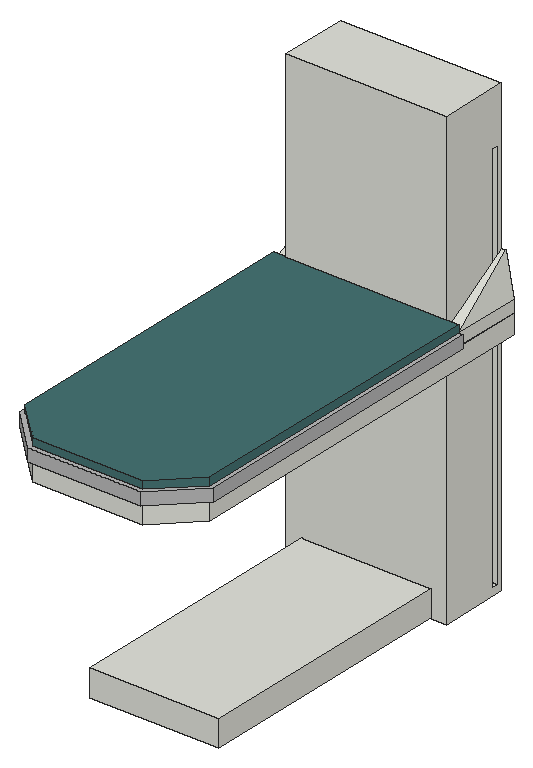
Revit family "Midmark - CM Dry Exam Lift Table", category Specialty Equipment, Revit 2017
Family settings
  Round Connector Dimension = Use Diameter
  Part Type = Normal
  OmniClass Number = 23.25.61.00
  Work Plane-Based = No
  Always vertical = Yes
  Cut with Voids When Loaded = No
  Shared = No
  Room Calculation Point = No
Parameters (values of type "Lift Table without Scale")
  Width = 2' - 1 1/2"
  Weight = 0
  Type Comments = "CM Dry Exam Lift Table.  Connection Power - 115V AC, 60 Hz, 10 AMP"
  Table Top Material = Stainless Steel, Polished
  Table Pad Material = Vynil Fabric, Green
  Scale Monitor Material = Plastic, Opaque Black
  Scale = no
  No Scale = not(Scale)  # yes
  Model = "CMWO"
  Manufacturer = "MIDMARK"
  Height = 3' - 0"
  Description = ""
  Depth = 4' - 7.49938"
  Base & Lift Column Material = Steel, Paint Finish, Midmark - Pebble Grey
Types (2): name | Type Comments | Scale | No Scale | Model
  Lift Table without Scale | "CM Dry Exam Lift Table.  Connection Power - 115V AC, 60 Hz, 10 AMP" | no | yes | "CMWO"
  Lift Table with Scale | "CM Dry Exam Lift Table with Scale.  Connection Power - 115V AC, 60 Hz, 10 AMP" | yes | no | "CMWS"
Reference planes (in)
  plane 1 "Center (Front/Back)": y = 9.21875
  plane 2: z = 0
  plane 3 "Center (Left/Right)": x = 0
  plane 4 "Left": x = -12.1875
  plane 5 "Right": x = 12.1875
  plane 6 "Back of Lift Column": y = 36.96875
  plane 7 "T O Table": z = 36
  plane 8 "TO SST Top": z = 35
  plane 9 "Left Edge of Base": x = -8.50008
  plane 10 "Right Edge of Base": x = 8.49998
  plane 11 "Front of Lift Column": y = 27.96875
  plane 12 "Left Edge of Lift Column": x = -10.62811
  plane 13 "Right Edge of Lift Column": x = 10.62811
  plane 14 "Front Face of Scale Monitor": y = 27.79325
  plane 15 "Left Edge of SST Top": x = -12.75
  plane 16 "Right Edge of SST Top": x = 12.75
  plane 17 "Front Edge of SST Top": y = -18.53063
  plane 18 "TO Lift Column": z = 60
  plane 19 "TO Top Support": z = 33.3522
  plane 20 "Underside of Table Support": z = 30.85046
  plane 21 "Front Edge of Base": y = -7.03127
  plane 22 "Front Edge Table Support": y = -18.03063
  plane 23 "Maximum Height w/ Pad": z = 44
  plane 24 "Lowest Height w/ Pad": z = 5.5
Forms (in)
  Extrusion 1, solid, material "Steel, Paint Finish, Midmark - Pebble Grey" <- "Base & Lift Column Material"
    sketch origin (0, -3.15627, 0) x (1, 0, 0) y (0, 1, 0)
      loop
        line (-8.50008, 31.12502) -> (-8.50008, -3.875) -> (8.49998, -3.875) -> (8.49998, 31.12502) -> (-8.50008, 31.12502)
    from 0 to 3.5
  Extrusion 2, solid, material "Steel, Paint Finish, Midmark - Pebble Grey" <- "Base & Lift Column Material"
    sketch origin (0, 6.84375, 0) x (1, 0, 0) y (0, 1, 0)
      loop
        line (12.1875, 30.125) -> (10.69061, 30.125) -> (10.69061, 21.125) -> (-10.62811, 21.125) -> (-10.62811, 30.125) -> (-12.1875, 30.125) -> (-12.1875, -19.93034) -> (-7.23775, -24.88008) -> (7.23775, -24.88008) -> (12.1875, -19.93034) -> (12.1875, 30.125)
    from 30.85046 to 33.3522
  Extrusion 3, solid, material "Stainless Steel, Polished" <- "Table Top Material"
    sketch origin (0, 6.84375, 0) x (1, 0, 0) y (0, 1, 0)
      loop
        line (12.75, 21.125) -> (-12.75, 21.125) -> (-12.75, -20.07499) -> (-7.4467, -25.37829) -> (7.4467, -25.37829) -> (12.75, -20.07499) -> (12.75, 21.125)
    from 33.3522 to 35
  Extrusion 4, solid, material "Steel, Paint Finish, Midmark - Pebble Grey" <- "Base & Lift Column Material"
    sketch origin (0, 6.84375, 3) x (0, 1, 0) y (0, 0, 1)
      loop
        line (30.125, 37.5) -> (21.125, 32) -> (21.125, 30.5) -> (30.125, 30.5) -> (30.125, 37.5)
    from 10.69061 to 12.1875
  Extrusion 5, solid, material "Steel, Paint Finish, Midmark - Pebble Grey" <- "Base & Lift Column Material"
    sketch origin (0.0625, 6.84375, 3) x (0, 1, 0) y (0, 0, -1)
      loop
        line (30.125, -37.5) -> (30.125, -30.5) -> (21.125, -30.5) -> (21.125, -32) -> (30.125, -37.5)
    from 10.69061 to 12.25
  Extrusion 6, solid, material "Vynil Fabric, Green" <- "Table Pad Material"
    sketch origin (0, 6.84375, 0) x (1, 0, 0) y (0, 1, 0)
      loop
        line (12.1875, 21.125) -> (-12.1875, 21.125) -> (-12.1875, -19.93034) -> (-7.23775, -24.88008) -> (7.23775, -24.88008) -> (12.1875, -19.93034) -> (12.1875, 21.125)
    from 35 to 36
  Extrusion 7, void
    sketch origin (-28.87328, 36.96875, 51) x (1, 0, 0) y (0, 0, 1)
      loop
        line (17.76112, -10.5) -> (16.68578, -10.5) -> (16.68578, -16) -> (17.76112, -10.5)
      loop
        line (39.98536, -10.5) -> (41.06078, -16) -> (41.06078, -10.5) -> (39.98536, -10.5)
    from 0 to 9
  Extrusion 8, solid, material "Steel, Paint Finish, Midmark - Pebble Grey" <- "Base & Lift Column Material"
    sketch origin (-10.62811, 33.81381, 43.34038) x (0, 1, 0) y (0, 0, 1)
      loop
        line (3.15494, 16.65962) -> (-5.84506, 16.65962) -> (-5.84506, -43.34038) -> (3.15494, -43.34038) -> (3.15494, 16.65962)
      loop
        line (2.65493, 9.53462) -> (1.65494, 9.53462) -> (1.65494, -42.34038) -> (2.65493, -42.34038) -> (2.65493, 9.53462)
    from 0 to 21.1781
  Extrusion 9, solid, material "Plastic, Opaque Black" <- "Scale Monitor Material", visible <- "Scale"
    sketch origin (-28.87328, 27.96875, 47.44929) x (-1, 0, 0) y (0, 0, 1)
      loop
        line (-20.48444, 11.04559) -> (-25.23444, 11.04559) -> (-25.23444, 7.0468) -> (-20.48444, 7.0468) -> (-20.48444, 11.04559)
    from -0.15706 to 0.13794
Cuts and joins
  Extrusion 7 cuts Extrusion 4
  Extrusion 7 cuts Extrusion 5
Lines and regions (in)
  model lines, visible <- "Scale"
    curve 1: line (-7.63884, 27.79325, 57.49549) -> (-4.38884, 27.79325, 57.49549)
    curve 2: line (-4.38884, 27.79325, 57.49549) -> (-4.38884, 27.79325, 55.99549)
    curve 3: line (-4.38884, 27.79325, 55.99549) -> (-7.63884, 27.79325, 55.99549)
    curve 4: line (-7.63884, 27.79325, 55.99549) -> (-7.63884, 27.79325, 57.49549)
    curve 5: circle (-7.31597, 27.79325, 55.47436) r 0.25 normal (0, 1, 0)
    curve 6: circle (-5.37497, 27.79325, 55.47436) r 0.25 normal (0, 1, 0)
Dimensions and locks (in)
  "Depth": plane 6 "Back of Lift Column" to plane 17 "Front Edge of SST Top"
  "Height": plane 7 "T O Table" to level
  plane 7 "T O Table" to level = 3' - 0"
  equal spacing: plane 15 "Left Edge of SST Top", plane 3 "Center (Left/Right)", plane 16 "Right Edge of SST Top"
  plane 18 "TO Lift Column" to level = 5' - 0"
  "Width": plane 15 "Left Edge of SST Top" to plane 16 "Right Edge of SST Top"
  aligned and locked: level to plane 2
Automatic sketch dimensions
  Extrusion 1 sketch curve to plane 9 "Left Edge of Base" = 0' - 0"
  Extrusion 1 sketch curve to plane 10 "Right Edge of Base" = 0' - 0"
  Extrusion 1 sketch curve to plane 6 "Back of Lift Column" = 0' - 9"
  Extrusion 2 sketch curve to plane 6 "Back of Lift Column" = 0' - 0"  (x2)
  Extrusion 2 sketch curve to plane 4 "Left" = 0' - 0"
  plane 4 "Left" to Extrusion 2 sketch curve = 0' - 1.55939"
  plane 9 "Left Edge of Base" to Extrusion 2 sketch curve = 0' - 1.26232"
  Extrusion 2 sketch curve to plane 10 "Right Edge of Base" = 0' - 1.26223"
  Extrusion 2 sketch curve to plane 5 "Right" = 0' - 1.49689"
  plane 5 "Right" to Extrusion 2 sketch curve = 0' - 0"
  Extrusion 2 sketch curve to plane 6 "Back of Lift Column" = 0' - 9"
  Extrusion 2 sketch curve to Extrusion 2 sketch curve = 0' - 4.94975"
  Extrusion 3 sketch curve to plane 4 "Left" = 0' - 0 9/16"
  plane 9 "Left Edge of Base" to Extrusion 3 sketch curve = 0' - 1.05338"
  Extrusion 3 sketch curve to plane 10 "Right Edge of Base" = 0' - 1.05329"
  plane 5 "Right" to Extrusion 3 sketch curve = 0' - 0 9/16"
  Extrusion 3 sketch curve to plane 6 "Back of Lift Column" = 0' - 9"
  Extrusion 4 sketch curve to plane 6 "Back of Lift Column" = 0' - 0"
  Extrusion 4 sketch curve to plane 6 "Back of Lift Column" = 0' - 9"
  Extrusion 4 sketch curve to plane 8 "TO SST Top" = 0' - 1 1/2"
  Extrusion 4 sketch curve to Extrusion 4 sketch curve = 0' - 1 1/2"
  plane 7 "T O Table" to Extrusion 4 sketch curve = 0' - 4 1/2"
  Extrusion 5 sketch curve to plane 6 "Back of Lift Column" = 0' - 0"
  Extrusion 5 sketch curve to plane 6 "Back of Lift Column" = 0' - 9"
  plane 7 "T O Table" to Extrusion 5 sketch curve = 0' - 4 1/2"
  plane 8 "TO SST Top" to Extrusion 5 sketch curve = 0' - 0"
  Extrusion 5 sketch curve to plane 8 "TO SST Top" = 0' - 1 1/2"
  Extrusion 6 sketch curve to plane 4 "Left" = 0' - 0"
  Extrusion 6 sketch curve to plane 5 "Right" = 0' - 0"
  plane 9 "Left Edge of Base" to Extrusion 6 sketch curve = 0' - 1.26232"
  Extrusion 6 sketch curve to plane 10 "Right Edge of Base" = 0' - 1.26223"
  Extrusion 6 sketch curve to plane 6 "Back of Lift Column" = 0' - 9"
  Extrusion 7 sketch curve to plane 4 "Left" = 0' - 0"
  Extrusion 7 sketch curve to plane 5 "Right" = 0' - 0"
  Extrusion 7 sketch curve to Extrusion 7 sketch curve = 0' - 1.07533"
  plane 8 "TO SST Top" to Extrusion 7 sketch curve = 0' - 0"  (x2)
  plane 7 "T O Table" to Extrusion 7 sketch curve = 0' - 4 1/2"  (x2)
  Extrusion 7 sketch curve to Extrusion 7 sketch curve = 0' - 1.07542"
  Extrusion 8 sketch curve to plane 11 "Front of Lift Column" = 0' - 0"
  Extrusion 8 sketch curve to level = 0' - 0"
  Extrusion 8 sketch curve to plane 6 "Back of Lift Column" = 0' - 0"
  Extrusion 8 sketch curve to plane 6 "Back of Lift Column" = 0' - 1 1/2"
  level to Extrusion 8 sketch curve = 0' - 1"
  plane 7 "T O Table" to Extrusion 8 sketch curve = 1' - 4 7/8"
  Extrusion 8 sketch curve to Extrusion 8 sketch curve = 0' - 7 1/8"
  Extrusion 8 sketch curve to plane 6 "Back of Lift Column" = 0' - 0 1/2"
  Extrusion 9 sketch curve to plane 3 "Center (Left/Right)" = 0' - 3.63884"
  plane 7 "T O Table" to Extrusion 9 sketch curve = 1' - 6 127/256"
  Extrusion 9 sketch curve to Extrusion 9 sketch curve = 0' - 3.99879"
  plane 9 "Left Edge of Base" to Extrusion 9 sketch curve = 0' - 0.11124"
  plane 9 "Left Edge of Base" to curve 1 = 0' - 4.11124"
  curve 2 to curve 6 = 0' - 0.98613"
  plane 9 "Left Edge of Base" to curve 5 = 0' - 1.18411"
  plane 9 "Left Edge of Base" to curve 4 = 0' - 0.86124"
  plane 7 "T O Table" to curve 5 = 1' - 7.47436"
  curve 6 to curve 5 = 0' - 0"
  curve 5 to curve 4 = 0' - 0.52113"
  curve 3 to curve 4 = 0' - 1 1/2"
  plane 17 "Front Edge of SST Top" to Extrusion 2 sketch curve = 0' - 5.44405"  (x2)
  plane 17 "Front Edge of SST Top" to Extrusion 3 sketch curve = 0' - 5.29939"  (x2)
  Extrusion 3 sketch curve to plane 17 "Front Edge of SST Top" = 0' - 0 1/256"
  plane 17 "Front Edge of SST Top" to Extrusion 6 sketch curve = 0' - 5.44405"  (x2)
  plane 17 "Front Edge of SST Top" to Extrusion 6 sketch curve = 0' - 0.4943"
  plane 17 "Front Edge of SST Top" to Extrusion 1 sketch curve = 0' - 11.49937"
  radius of curve 5 = 0' - 0 1/4"
  radius of curve 6 = 0' - 0 1/4"
